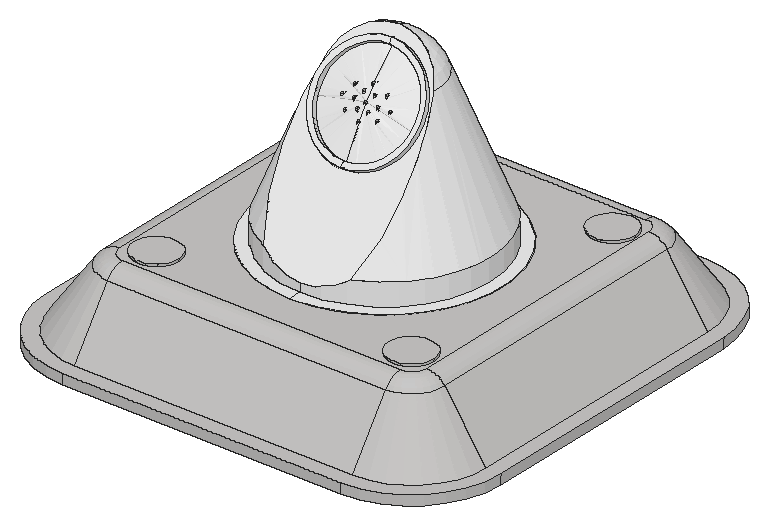
Revit family "Shower_Head-Whitehall-BestCare-WHCSH", category Plumbing Fixtures, host Face, Revit 2019
Family settings
  Host = Face
  Round Connector Dimension = Use Diameter
  Part Type = Normal
  OmniClass Number = 23.45.05.14.17
  OmniClass Title = Showers
  Cut with Voids When Loaded = No
  Shared = Yes
  Room Calculation Point = No
Parameters (values of type "WHCSH25")
  Width = 5 1/8"  # constant formula
  Waste Connection = no
  WFU = 0  # constant formula
  Vent Connection = no
  URL = "https://www.whitehallmfg.com/home"
  Type Comments = ""
  Tempered Water Connection = yes
  Product Page URL = "https://www.whitehallmfg.com/whcsh-series-ligature-resistant-escutcheon-shower"
  Product Documentation Link = "https://www.whitehallmfg.com/uploads/fileLibrary/WHCSH%20Series.pdf"
  Model = "WHCSH25"
  Material = "Brass-Whitehall-Chrome Plated"
  Manufacturer = "Whitehall Mfg."
  Length = 5 1/8"  # constant formula
  Installation Type = "Wall Mounted"
  Inlet Connection Radius = Inlet Connection Diameter / 2  # 1/4"
  Inlet Connection Diameter = 1/2"
  Height = 2 3/8"  # constant formula
  HWFU = 3  # constant formula
  HW Connection = no
  Flow Rate = "2.5 gallons (9.46 liters) per minute."
  Finish = Brass-Whitehall-Chrome Plated
  Escutcheon Material = Stainless Steel-Whitehall-Powder Coated
  Description = "BestCare® Ligature-Resistant Conical Shower Head with Escutcheon"
  Default Elevation = 0"
  Creation Date = "01/10/2023"  # constant formula
  CWFU = 3  # constant formula
  CW Connection = no
  Assembly Code = "D2020300"
Types (4): name | Type Comments | Model | Flow Rate
  (no name) | "" | "WHCSH25" | "2.5 gallons (9.46 liters) per minute."
  WHCSH15 | "" | "WHCSH15" | "1.5 gallons (5.68 liters) per minute"
  WHCSH25 | "" | "WHCSH25" | "2.5 gallons (9.46 liters) per minute."
  WHCSH15-WSB | "WHCSH15-WSB showerhead has been certified by IAPMO per EPA WaterSense Criteria and has qualified for the official EPA WaterSense directory." | "WHCSH15-WSB" | "1.5 gallons (5.68 liters) per minute"
Reference planes (in)
  plane 1 "Center (Front/Back)": y = 0
  plane 2: z = 0
  plane 3 "Center (Left/Right)": x = 0
  plane 4: z = 3
  plane 5: y = -1.625
  plane 6: y = 1.625
  plane 7: x = -2.56768
  plane 8: x = 2.55732
  plane 9: y = 2.56641
  plane 10: y = -2.55859
  plane 11: z = -0.625
  plane 12: z = 0.875
  plane 13: z = 2.375
  plane 14: y = -0.25
Forms (in)
  Revolve 1, solid, material "Brass-Whitehall-Chrome Plated" <- "Finish"
    sketch origin (0, 37.93569, 0) x (0, -1, 0) y (0, 0, -1)
      loop
        line (37.93569, 0) -> (36.31069, 0) -> (36.31069, -0.13606) -> (36.60954, -0.87574) -> (36.74799, -0.87574) -> (36.74799, -1.12199) -> (37.346, -2.60212)
        arc (37.346, -2.60212) -> (37.58004, -2.89114) -> (37.93569, -2.99987) r 0.636
        line (37.93569, -2.99987) -> (37.93569, 0)
      axis (37.93569, -2.99987) -> (37.93569, 0)
    angle from 0 to 360
  Extrusion 2, void
    sketch origin (0, 37.99819, 0.03125) x (0, 1, 0) y (0, 0, -1)
      loop
        line (-37.74315, -3) -> (-39.24819, -0.85059) -> (-39.24819, -3) -> (-37.74315, -3)
    from -0.83033 to 0.83247
  Revolve 3, void
    sketch origin (0, 38.90608, 0.25965) x (0, -1, 0) y (0, 0, -1)
      loop
        line (39.53168, -2.38203) -> (39.04831, -2.03294) -> (38.6836, -2.53793) -> (39.16696, -2.88703) -> (39.53168, -2.38203)
      axis (39.04831, -2.03294) -> (39.53168, -2.38203)
    angle from 0 to 360
  Revolve 4, solid, material "Brass-Whitehall-Chrome Plated" <- "Finish"
    sketch origin (0, 31.75303, 0.30719) x (0, -1, 0) y (0, 0, -1)
      loop
        line (32.00303, -2.06781) -> (31.90496, -1.99698) -> (31.5458, -2.49428) -> (31.64388, -2.56511) -> (31.67949, -2.5158) -> (31.63529, -2.48388)
        arc (31.63529, -2.48388) -> (31.8294, -2.2849) -> (32.00303, -2.06781) r 2.82722
      axis (32.00303, -2.06781) -> (31.90496, -1.99698)
    angle from 0 to 360
  Revolve 5, void
    sketch origin (2.17734, -0.00043, 0) x (1, 0, 0) y (0, 0, -1)
      loop
        line (-2.17809, 0) -> (-2.17809, 0.625) -> (-2.80263, 0.625) -> (-2.80263, 0) -> (-2.17809, 0)
      axis (-2.17809, 0) -> (-2.17809, 0.625)
    angle from 0 to 360
  Sweep 6, solid, material "Stainless Steel-Whitehall-Powder Coated" <- "Escutcheon Material"
    path origin (0, 0, 0) x (1, 0, 0) y (0, 1, 0)
      loop
        arc (1.55732, -2.55859) -> (2.26443, -2.2657) -> (2.55732, -1.55859) r 1
        line (2.55732, -1.55859) -> (2.55732, 1.56641)
        arc (2.55732, 1.56641) -> (2.26443, 2.27351) -> (1.55732, 2.56641) r 1
        line (1.55732, 2.56641) -> (-1.56768, 2.56641)
        arc (-1.56768, 2.56641) -> (-2.27478, 2.27351) -> (-2.56768, 1.56641) r 1
        line (-2.56768, 1.56641) -> (-2.56768, -1.55859)
        arc (-2.56768, -1.55859) -> (-2.27478, -2.2657) -> (-1.56768, -2.55859) r 1
        line (-1.56768, -2.55859) -> (1.55732, -2.55859)
    profile origin (-0.00518, -2.55859, 0) x (0, -1, 0) y (0, 0, 1)
      loop
        line (0, 0) -> (0, 0.10942) -> (-0.17338, 0.10942) -> (-0.6348, 0.76839)
        arc (-0.6348, 0.76839) -> (-0.72415, 0.84675) -> (-0.83959, 0.875) r 0.25
        line (-0.83959, 0.875) -> (-0.88672, 0.875) -> (-0.88672, 0) -> (0, 0)
  Extrusion 7, solid, material "Stainless Steel-Whitehall-Powder Coated" <- "Escutcheon Material"
    sketch origin (0, 0, 0) x (1, 0, 0) y (0, 1, 0)
      loop
        arc (-1.56768, 1.67969) -> (-1.64778, 1.64651) -> (-1.68096, 1.56641) r 0.11328
        line (-1.68096, 1.56641) -> (-1.68096, -1.55859)
        arc (-1.68096, -1.55859) -> (-1.64778, -1.6387) -> (-1.56768, -1.67188) r 0.11328
        line (-1.56768, -1.67188) -> (1.55732, -1.67188)
        arc (1.55732, -1.67188) -> (1.63743, -1.6387) -> (1.67061, -1.55859) r 0.11328
        line (1.67061, -1.55859) -> (1.67061, 1.56641)
        arc (1.67061, 1.56641) -> (1.63743, 1.64651) -> (1.55732, 1.67969) r 0.11328
        line (1.55732, 1.67969) -> (-1.56768, 1.67969)
    from 0 to 0.87574
  Extrusion 8, solid, material "Stainless Steel-Whitehall-Powder Coated" <- "Escutcheon Material"
    sketch origin (0, 0, 0) x (1, 0, 0) y (0, 1, 0)
      loop
        circle (-1.4316, 1.41426) r 0.25
      loop
        circle (1.4316, 1.41426) r 0.25
      loop
        circle (-1.4316, -1.41426) r 0.25
      loop
        circle (1.4316, -1.41426) r 0.25
    from 0.82938 to 0.89402
  Extrusion 9, void
    sketch origin (0, 3.01401, 0.46988) x (1, 0, 0) y (0, 0.559193, 0.829038)
      loop
        circle (-0.00367, -0.25084) r 0.01943
      loop
        circle (0.13208, -0.25084) r 0.01943
      loop
        circle (0.05721, -0.32571) r 0.01943
      loop
        circle (0.05721, -0.16217) r 0.01943
      loop
        circle (0.17587, -0.12976) r 0.01943
      loop
        circle (0.17587, -0.37192) r 0.01943
      loop
        circle (0.26783, -0.25084) r 0.01943
      loop
        circle (-0.13942, -0.25084) r 0.01943
      loop
        circle (-0.06456, -0.32571) r 0.01943
      loop
        circle (-0.06456, -0.16217) r 0.01943
      loop
        circle (-0.18322, -0.12976) r 0.01943
      loop
        circle (-0.18322, -0.37192) r 0.01943
      loop
        circle (-0.27517, -0.25084) r 0.01943
      loop
        circle (-0.00367, -0.06854) r 0.01943
      loop
        circle (-0.00367, -0.43314) r 0.01943
    from 3.71355 to 3.79087
Cuts and joins
  Extrusion 2, Revolve 3, Extrusion 9 cuts Revolve 1
  Extrusion 9 cuts Sweep 6
  Extrusion 9 cuts Extrusion 7
  joined: Sweep 6, Extrusion 7
  Extrusion 9 cuts Revolve 4
Dimensions and locks (in)
  plane 4 to level = 3"
  equal spacing: plane 5, plane 1 "Center (Front/Back)", plane 6
  plane 5 to plane 6 = 3 1/4"
  "Length": plane 7 to plane 8
  "Width": plane 10 to plane 9
  host face to plane 11 = 5/8"
  plane 12 to host face = 7/8"
  plane 4 to host face = 3"
  plane 13 to host face = 2 3/8"
  angle Extrusion 2 sketch curve to Extrusion 2 sketch curve = 35.00°
  aligned and locked: plane 2 to host face
  aligned and locked: level to host face
  aligned and locked: plane 1 "Center (Front/Back)" to Revolve 1 sketch curve
  aligned and locked: Revolve 1 sketch curve to host face
  aligned and locked: Sweep 6 sketch curve to plane 9
  aligned and locked: Sweep 6 sketch curve to plane 10
  aligned and locked: plane 7 to Sweep 6 sketch curve
  aligned and locked: plane 8 to Sweep 6 sketch curve
  aligned and locked: Extrusion 7 sketch curve to Sweep 6  (x4)
  aligned and locked: Extrusion 7 to cut or joined group of Revolve 1, Extrusion 2, Revolve 3, Extrusion 9
Automatic sketch dimensions
  host sketch curve to host sketch curve = 96"  (x2)
  Revolve 1 sketch curve to plane 6 = 0"
  Revolve 1 sketch curve to plane 6 = 0.29885"
  Revolve 1 sketch curve to Revolve 1 sketch curve = 0.13844"
  Revolve 1 sketch curve to plane 1 "Center (Front/Back)" = 0.58969"
  level to Revolve 1 sketch curve = 0.13606"
  Revolve 1 sketch curve to Revolve 1 sketch curve = 0.73968"
  Revolve 1 sketch curve to Revolve 1 sketch curve = 0.24624"
  Revolve 1 sketch curve to plane 4 = 0.63613"
  Revolve 1 sketch curve to plane 4 = 0.39788"
  plane 4 to Revolve 1 sketch curve = 8"
  plane 6 to Revolve 4 sketch curve = 0.41698"
  Revolve 4 sketch curve to plane 1 "Center (Front/Back)" = 0.20723"
  Revolve 4 sketch curve to plane 1 "Center (Front/Back)" = 0.11775"
  Revolve 4 sketch curve to Revolve 4 sketch curve = 0.0086"
  Revolve 4 sketch curve to Revolve 4 sketch curve = 0.04421"
  plane 1 "Center (Front/Back)" to Revolve 4 sketch curve = 0.15192"
  Revolve 4 sketch curve to Revolve 4 sketch curve = 0.09808"
  Revolve 4 sketch curve to plane 4 = 0.1277"
  Revolve 4 sketch curve to Revolve 4 sketch curve = 0.04931"
  Revolve 4 sketch curve to plane 1 "Center (Front/Back)" = 0.45618"
  Revolve 4 sketch curve to Revolve 4 sketch curve = 0"  (x2)
  Revolve 4 sketch curve to Revolve 4 sketch curve = 0.43917"
  Revolve 1 sketch curve to Revolve 1 sketch curve = 6 1/2"
  Revolve 5 sketch curve to level = 0"
  Revolve 5 sketch curve to plane 3 "Center (Left/Right)" = 0.62529"
  Revolve 5 sketch curve to plane 3 "Center (Left/Right)" = 0.00076"  (x2)
  plane 4 to Revolve 5 sketch curve = 1.37199"
  Revolve 5 sketch curve to plane 11 = 0"
  Revolve 5 sketch curve to Revolve 5 sketch curve = 5.00301"
  Revolve 1 sketch curve to plane 1 "Center (Front/Back)" = 0"
  plane 7 to Sweep 6 sketch curve = 1"  (x2)
  plane 5 to Sweep 6 sketch curve = 17/256"
  Sweep 6 sketch curve to plane 6 = 15/256"
  Sweep 6 sketch curve to level = 0"
  Sweep 6 sketch curve to profile plane = 0"
  profile plane to Sweep 6 sketch curve = 0.17338"
  profile plane to Sweep 6 sketch curve = 0.6348"
  Sweep 6 sketch curve to Sweep 6 sketch curve = 0.20479"
  Sweep 6 sketch curve to Sweep 6 sketch curve = 0.04713"
  Sweep 6 sketch curve to Sweep 6 sketch curve = 0.10942"
  level to Sweep 6 sketch curve = 5/8"
  Sweep 6 sketch curve to Sweep 6 sketch curve = 0.14339"
  Extrusion 2 sketch curve to plane 1 "Center (Front/Back)" = 0.25504"
  plane 4 to Extrusion 2 sketch curve = 1/32"
  plane 12 to Extrusion 2 sketch curve = 0.00684"
  plane 5 to Extrusion 7 sketch curve = 17/256"  (x2)
  Extrusion 7 sketch curve to Extrusion 7 sketch curve = 29/256"
  plane 8 to Extrusion 7 sketch curve = 1"
  plane 5 to Extrusion 8 sketch curve = 0.21074"  (x2)
  plane 7 to Extrusion 8 sketch curve = 1.13607"  (x2)
  Extrusion 8 sketch curve to plane 6 = 0.21074"  (x2)
  plane 8 to Extrusion 8 sketch curve = 1.12572"  (x2)
  Revolve 3 sketch curve to plane 1 "Center (Front/Back)" = 0.22249"
  Revolve 3 sketch curve to plane 14 = 0.10777"
  plane 14 to Revolve 3 sketch curve = 0.01088"
  plane 4 to Revolve 3 sketch curve = 0.14668"
  Revolve 3 sketch curve to plane 4 = 0.20241"
  plane 13 to Revolve 3 sketch curve = 0.02992"
  plane 14 to Revolve 3 sketch curve = 0.04776"
  Revolve 3 sketch curve to Revolve 3 sketch curve = 0.1271"
  Revolve 3 sketch curve to Revolve 3 sketch curve = 0.09179"
  Extrusion 9 sketch curve to plane 3 "Center (Left/Right)" = 0.27517"
  Extrusion 9 sketch curve to Extrusion 9 sketch curve = 0.09196"  (x2)
  Extrusion 9 sketch curve to Extrusion 9 sketch curve = 0.04379"
  Extrusion 9 sketch curve to plane 3 "Center (Left/Right)" = 0.06456"  (x2)
  Extrusion 9 sketch curve to plane 3 "Center (Left/Right)" = 0.00367"  (x3)
  plane 3 "Center (Left/Right)" to Extrusion 9 sketch curve = 0.05721"  (x2)
  Extrusion 9 sketch curve to Extrusion 9 sketch curve = 0.07487"  (x4)
  Extrusion 9 sketch curve to Extrusion 9 sketch curve = 0.11866"  (x2)
  Extrusion 9 sketch curve to Extrusion 9 sketch curve = 0.13575"
  Extrusion 9 sketch curve to Extrusion 9 sketch curve = 0.06122"  (x2)
  Extrusion 9 sketch curve to Extrusion 9 sketch curve = 0.10743"
  Extrusion 9 sketch curve to Extrusion 9 sketch curve = 0"  (x2)
  Extrusion 9 sketch curve to Extrusion 9 sketch curve = 31/256"
  Extrusion 9 sketch curve to Extrusion 9 sketch curve = 0.08866"  (x2)
  Extrusion 9 sketch curve to Extrusion 9 sketch curve = 0.03242"  (x2)
  Extrusion 9 sketch curve to Extrusion 9 sketch curve = 0.09364"
  radius of Extrusion 8 sketch curve = 1/4"  (x4)
  radius of Extrusion 9 sketch curve = 0.01943"  (x15)
Connectors (in)
  piping at (-0.00518, 0.00391, 0), diameter 0.5, driven by "Inlet Connection Diameter"
    settings: on cut or joined group of Sweep 6, Extrusion 7, Extrusion 9, index 1, connector inside diameter 24", connector length 0", flow factor 0, pipe flow 0 GPM, pressure drop 0.00 psi, fitting loss kfactor 0, connector angle 0.00°, fixture units 0, engagement length 0", angle of deflection 0.00°, flow configuration 0, flow direction 1, fitting loss method 0, system type 29, joint type 0, gender type 0, connector reference index -1, connector utility 0, adjustable connector no, is connector primary yes, connector description "1/2\" NPT Inlet Connection"
